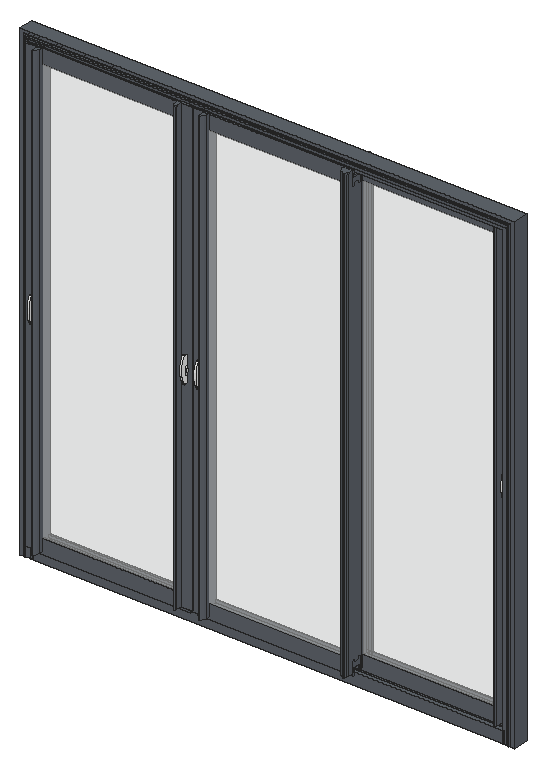
Revit family "Wicslide_65_Glass32_3_leaf_2_track_dependent", category Doors, host Wall, Revit 2014 (continued)
Definition of nested family "Leaf_Wicslide_65_G32_3_leaf_2_track_independent_2_handle"
  Dimensions and locks
    aligned and locked: level to plane 2
    aligned and locked: plane 9 to plane 16
    aligned and locked: nested 2 to level
    aligned and locked: nested 2 to plane 1 "Center (Front/Back)"
    aligned and locked: Extrusion 2 to plane 6
    aligned and locked: plane 7 to Extrusion 2
    aligned and locked: plane 8 to Extrusion 2
    aligned and locked: Extrusion 2 to plane 9
    aligned and locked: Extrusion 2 to plane 13
    aligned and locked: plane 12 to Extrusion 2
    aligned and locked: plane 17 to nested 7
    aligned and locked: nested 7 to plane 18
    aligned and locked: plane 19 to nested 7
    aligned and locked: plane 1 "Center (Front/Back)" to nested 8
    aligned and locked: Sweep 10 to Sweep 4 sketch curve
    aligned and locked: Sweep 10 to Sweep 9 sketch curve
    aligned and locked: Sweep 10 to Sweep 8 sketch curve
    aligned and locked: Sweep 10 to Sweep 7 sketch curve
    aligned and locked: Sweep 10 to Sweep 6 sketch curve
    aligned and locked: Sweep 10 to Sweep 5 sketch curve
    aligned and locked: Sweep 10 to Sweep 1 sketch curve
    aligned and locked: Sweep 7 to Sweep 3 sketch curve
    aligned and locked: nested 9 to plane 17
    aligned and locked: nested 9 to plane 18
    aligned and locked: plane 27 to Sweep 9 sketch curve
    aligned and locked: plane 27 to Sweep 4 sketch curve
    aligned and locked: plane 27 to Sweep 7 sketch curve
    aligned and locked: plane 27 to Sweep 6 sketch curve
    aligned and locked: plane 27 to Sweep 5 sketch curve
    aligned and locked: plane 27 to Sweep 1 sketch curve
    aligned and locked: plane 27 to Sweep 8 sketch curve
    aligned and locked: nested 10 to plane 8
    aligned and locked: nested 10 to plane 9
    aligned and locked: nested 1 to plane 1 "Center (Front/Back)"
    aligned and locked: plane 3 "Center (Left/Right)" to nested 1
    aligned and locked: nested 3 to plane 3 "Center (Left/Right)"
    aligned and locked: nested 3 to plane 1 "Center (Front/Back)"
    aligned and locked: nested 4 to plane 3 "Center (Left/Right)"
    aligned and locked: nested 4 to plane 1 "Center (Front/Back)"
    aligned and locked: plane 7 to nested 11
    aligned and locked: plane 6 to nested 11
    aligned and locked: plane 12 to nested 11
    aligned and locked: plane 12 to nested 10
    aligned and locked: plane 5 to nested 8
    aligned and locked: nested 5 to nested 6
    aligned and locked: nested 6 to plane 1 "Center (Front/Back)"
    aligned and locked: plane 4 to nested 13
    aligned and locked: plane 1 "Center (Front/Back)" to nested 13
    aligned and locked: nested 12 to plane 4
    aligned and locked: plane 1 "Center (Front/Back)" to nested 12
    aligned and locked: nested 14 to plane 4
    aligned and locked: plane 1 "Center (Front/Back)" to nested 14
    aligned and locked: nested 15 to plane 4
    aligned and locked: plane 1 "Center (Front/Back)" to nested 15
    aligned and locked: plane 4 to Sweep 3 sketch curve
    aligned and locked: plane 4 to Sweep 10 sketch curve
    aligned and locked: plane 25 to Extrusion 12
    aligned and locked: Extrusion 12 to plane 26
    aligned and locked: nested 16 to plane 29
    aligned and locked: nested 16 to plane 17
    aligned and locked: plane 17 to nested 17
    aligned and locked: nested 17 to plane 29
    aligned and locked: nested 16 to plane 19
  Automatic sketch dimensions
    curve 2 to plane 8 = 0 mm
    curve 2 to plane 12 = 0 mm
    curve 3 to plane 1 "Center (Front/Back)" = 0 mm
    curve 1 to plane 9 = 0 mm
    curve 1 to plane 13 = 0 mm
    curve 2 to plane 9 = 0 mm
    curve 3 to plane 9 = 0 mm
    curve 3 to plane 8 = 0 mm
    curve 1 to plane 8 = 0 mm
    plane 20 to Sweep 1 sketch curve = 0.135 mm
    Sweep 1 sketch curve to profile plane = 22 mm
    profile plane to Sweep 1 sketch curve = 59.481 mm
    Sweep 1 sketch curve to Sweep 1 sketch curve = 0.086 mm
    Sweep 1 sketch curve to Sweep 1 sketch curve = 11.914 mm
    profile plane to Sweep 1 sketch curve = 10.369 mm
    Sweep 1 sketch curve to profile plane = 8.519 mm  (x2)
    Sweep 1 sketch curve to Sweep 1 sketch curve = 5.4 mm  (x2)
    Sweep 1 sketch curve to Sweep 1 sketch curve = 6 mm
    profile plane to Sweep 1 sketch curve = 16 mm
    profile plane to Sweep 1 sketch curve = 16.6 mm
    Extrusion 2 sketch curve to plane 6 = 0 mm
    Extrusion 2 sketch curve to plane 7 = 0 mm
    Extrusion 2 sketch curve to plane 9 = 0 mm
    Extrusion 2 sketch curve to plane 8 = 0 mm
    Sweep 3 sketch curve to level = 0 mm
    profile plane to Sweep 3 sketch curve = 5.306 mm  (x2)
    Sweep 3 sketch curve to profile plane = 5.236 mm  (x2)
    Sweep 3 sketch curve to Sweep 3 sketch curve = 20.678 mm
    plane 16 to Sweep 3 sketch curve = 0.034 mm
    plane 16 to Sweep 3 sketch curve = 12.094 mm  (x2)
    Sweep 3 sketch curve to plane 1 "Center (Front/Back)" = 20.1 mm
    Sweep 3 sketch curve to plane 1 "Center (Front/Back)" = 18.502 mm
    Sweep 3 sketch curve to Sweep 3 sketch curve = 3.498 mm
    Sweep 3 sketch curve to Sweep 3 sketch curve = 4.1 mm  (x2)
    plane 1 "Center (Front/Back)" to Sweep 3 sketch curve = 16 mm
    plane 1 "Center (Front/Back)" to Sweep 3 sketch curve = 16.6 mm
    Sweep 3 sketch curve to Sweep 3 sketch curve = 1.9 mm
    Sweep 4 sketch curve to plane 4 = 0 mm
    Sweep 5 sketch curve to plane 3 "Center (Left/Right)" = 0 mm
    profile plane to Sweep 5 sketch curve = 58.1 mm
    Sweep 5 sketch curve to Sweep 5 sketch curve = 10.918 mm
    Sweep 5 sketch curve to Sweep 5 sketch curve = 3.31 mm
    Sweep 5 sketch curve to Sweep 5 sketch curve = 1.085 mm  (x2)
    Sweep 5 sketch curve to Sweep 5 sketch curve = 1.687 mm
    profile plane to Sweep 5 sketch curve = 13.004 mm
    Sweep 5 sketch curve to Sweep 5 sketch curve = 0.954 mm
    Sweep 5 sketch curve to profile plane = 9.9 mm  (x2)
    Sweep 5 sketch curve to plane 1 "Center (Front/Back)" = 22 mm
    Sweep 5 sketch curve to plane 1 "Center (Front/Back)" = 16.517 mm
    plane 1 "Center (Front/Back)" to Sweep 5 sketch curve = 16.671 mm
    Sweep 5 sketch curve to Sweep 5 sketch curve = 5.329 mm
    Sweep 5 sketch curve to Sweep 5 sketch curve = 9.518 mm
    Sweep 5 sketch curve to Sweep 5 sketch curve = 9 mm  (x2)
    Sweep 6 sketch curve to plane 3 "Center (Left/Right)" = 0 mm
    Sweep 6 sketch curve to plane 1 "Center (Front/Back)" = 22 mm
    profile plane to Sweep 6 sketch curve = 58.1 mm
    Sweep 6 sketch curve to Sweep 6 sketch curve = 0 mm
    Sweep 6 sketch curve to Sweep 6 sketch curve = 12 mm
    profile plane to Sweep 6 sketch curve = 8.988 mm
    profile plane to Sweep 6 sketch curve = 6.1 mm
    Sweep 6 sketch curve to profile plane = 9.9 mm  (x2)
    Sweep 6 sketch curve to Sweep 6 sketch curve = 6 mm  (x2)
    Sweep 6 sketch curve to plane 1 "Center (Front/Back)" = 16 mm
    plane 1 "Center (Front/Back)" to Sweep 6 sketch curve = 16 mm  (x2)
    Sweep 6 sketch curve to Sweep 6 sketch curve = 19.999 mm
    Sweep 7 sketch curve to plane 3 "Center (Left/Right)" = 0 mm
    profile plane to Sweep 7 sketch curve = 58.1 mm
    Sweep 7 sketch curve to Sweep 7 sketch curve = 0 mm
    Sweep 7 sketch curve to Sweep 7 sketch curve = 11.964 mm
    profile plane to Sweep 7 sketch curve = 8.988 mm
    Sweep 7 sketch curve to profile plane = 9.9 mm  (x2)
    Sweep 7 sketch curve to plane 1 "Center (Front/Back)" = 22 mm
    Sweep 7 sketch curve to Sweep 7 sketch curve = 5.4 mm
    Sweep 7 sketch curve to Sweep 7 sketch curve = 6 mm
    plane 1 "Center (Front/Back)" to Sweep 7 sketch curve = 16 mm
    plane 1 "Center (Front/Back)" to Sweep 7 sketch curve = 16.6 mm
    Sweep 7 sketch curve to Sweep 7 sketch curve = 28.4 mm
    Sweep 8 sketch curve to plane 4 = 0 mm
    Sweep 9 sketch curve to plane 4 = 0 mm
    plane 5 to Sweep 10 sketch curve = 5.236 mm
    plane 18 to Sweep 10 sketch curve = 7.95 mm
    Extrusion 11 sketch curve to plane 7 = 0 mm
    plane 12 to Extrusion 11 sketch curve = 0 mm
    plane 13 to Extrusion 11 sketch curve = 0 mm
    plane 24 to Extrusion 11 sketch curve = 10.301 mm
    Extrusion 12 sketch curve to plane 7 = 0 mm
    plane 12 to Extrusion 12 sketch curve = 0 mm
    plane 13 to Extrusion 12 sketch curve = 0 mm
    plane 24 to Extrusion 12 sketch curve = 7.365 mm
    plane 1 "Center (Front/Back)" to Sweep 10 sketch curve = 20.1 mm
    profile plane to Sweep 10 sketch curve = 64.007 mm
    Sweep 10 sketch curve to plane 1 "Center (Front/Back)" = 16 mm
    Sweep 10 sketch curve to Sweep 10 sketch curve = 0.001 mm
    Sweep 10 sketch curve to Sweep 10 sketch curve = 12.136 mm
    Sweep 10 sketch curve to Sweep 10 sketch curve = 20.678 mm
    profile plane to Sweep 10 sketch curve = 10.506 mm
    profile plane to Sweep 10 sketch curve = 10.505 mm
    profile plane to Sweep 10 sketch curve = 0.006 mm
    profile plane to Sweep 10 sketch curve = 0.005 mm
    Sweep 10 sketch curve to plane 1 "Center (Front/Back)" = 16.6 mm
    Sweep 10 sketch curve to Sweep 10 sketch curve = 1.9 mm
    Sweep 10 sketch curve to Sweep 10 sketch curve = 4.1 mm  (x2)
    Sweep 10 sketch curve to Sweep 10 sketch curve = 3.498 mm
    plane 1 "Center (Front/Back)" to Sweep 10 sketch curve = 18.502 mm
    Sweep 4 sketch curve to profile plane = 0 mm  (x2)
    Sweep 4 sketch curve to plane 1 "Center (Front/Back)" = 22 mm
    Sweep 4 sketch curve to Sweep 4 sketch curve = 1.6 mm
    Sweep 4 sketch curve to Sweep 4 sketch curve = 5.4 mm
    Sweep 4 sketch curve to Sweep 4 sketch curve = 6 mm  (x2)
    plane 1 "Center (Front/Back)" to Sweep 4 sketch curve = 16 mm
    plane 1 "Center (Front/Back)" to Sweep 4 sketch curve = 16.6 mm
    Sweep 4 sketch curve to Sweep 4 sketch curve = 3.8 mm
    Sweep 4 sketch curve to Sweep 4 sketch curve = 8.988 mm
    Sweep 4 sketch curve to Sweep 4 sketch curve = 37.112 mm
    Sweep 4 sketch curve to Sweep 4 sketch curve = 12 mm  (x2)
    Sweep 4 sketch curve to profile plane = 9.9 mm  (x2)
    Sweep 9 sketch curve to profile plane = 0 mm  (x2)
    profile plane to Sweep 9 sketch curve = 9.9 mm  (x2)
    Sweep 9 sketch curve to Sweep 9 sketch curve = 8.988 mm
    plane 1 "Center (Front/Back)" to Sweep 9 sketch curve = 16 mm
    Sweep 9 sketch curve to Sweep 9 sketch curve = 37.148 mm
    Sweep 9 sketch curve to Sweep 9 sketch curve = 11.964 mm  (x2)
    Sweep 9 sketch curve to plane 1 "Center (Front/Back)" = 16 mm
    Sweep 9 sketch curve to plane 1 "Center (Front/Back)" = 16.6 mm
    Sweep 9 sketch curve to Sweep 9 sketch curve = 3.8 mm  (x2)
    Sweep 9 sketch curve to Sweep 9 sketch curve = 6 mm
    plane 1 "Center (Front/Back)" to Sweep 9 sketch curve = 16.6 mm
    Sweep 9 sketch curve to Sweep 9 sketch curve = 24.6 mm
    profile plane to Sweep 8 sketch curve = 9.9 mm  (x2)
    Sweep 8 sketch curve to profile plane = 0.1 mm  (x2)
    Sweep 8 sketch curve to Sweep 8 sketch curve = 8.888 mm
    Sweep 8 sketch curve to Sweep 8 sketch curve = 4.784 mm
    Sweep 8 sketch curve to Sweep 8 sketch curve = 0.783 mm
    Sweep 8 sketch curve to Sweep 8 sketch curve = 1.635 mm
    Sweep 8 sketch curve to Sweep 8 sketch curve = 5.036 mm
    Sweep 8 sketch curve to Sweep 8 sketch curve = 11.964 mm  (x2)
    Sweep 8 sketch curve to plane 1 "Center (Front/Back)" = 22 mm
    Sweep 8 sketch curve to Sweep 8 sketch curve = 1.6 mm
    Sweep 8 sketch curve to Sweep 8 sketch curve = 3.8 mm  (x2)
    Sweep 8 sketch curve to Sweep 8 sketch curve = 6 mm
    plane 1 "Center (Front/Back)" to Sweep 8 sketch curve = 16 mm
    plane 1 "Center (Front/Back)" to Sweep 8 sketch curve = 16.6 mm
    Sweep 8 sketch curve to Sweep 8 sketch curve = 5.4 mm
    Sweep 8 sketch curve to Sweep 8 sketch curve = 6.125 mm
    Sweep 8 sketch curve to Sweep 8 sketch curve = 22.955 mm
    Sweep 8 sketch curve to Sweep 8 sketch curve = 6.373 mm
    Sweep 8 sketch curve to Sweep 8 sketch curve = 4.672 mm
    Sweep 8 sketch curve to Sweep 8 sketch curve = 3.664 mm
    Sweep 8 sketch curve to Sweep 8 sketch curve = 15 mm
    Sweep 13 sketch curve to plane 27 = 0 mm
    Sweep 13 sketch curve to plane 4 = 0.1 mm
    plane 5 to Sweep 13 sketch curve = 5.23 mm
    profile plane to Sweep 13 sketch curve = 10 mm  (x2)
    profile plane to Sweep 13 sketch curve = 0 mm  (x2)
    Sweep 13 sketch curve to profile plane = 6 mm
    Sweep 13 sketch curve to profile plane = 8.888 mm
    Sweep 13 sketch curve to profile plane = 16 mm  (x2)
    Sweep 13 sketch curve to Sweep 13 sketch curve = 37.112 mm
    Sweep 13 sketch curve to Sweep 13 sketch curve = 12 mm  (x2)
    Sweep 13 sketch curve to Sweep 13 sketch curve = 4.4 mm  (x2)
    Sweep 13 sketch curve to Sweep 13 sketch curve = 6 mm
    profile plane to Sweep 13 sketch curve = 16 mm  (x2)
    Sweep 13 sketch curve to Sweep 13 sketch curve = 1.6 mm
    Sweep 13 sketch curve to Sweep 13 sketch curve = 25.999 mm
  Nested families
    nested 1: "Sash Verticals_1041270" at (-9.9, 22, 0), visible <- "Sash 1041270", type "Sash Verticals_1041270"
    nested 2: "Sash_horizontal_1041274" at (0, 0, 0) x (0, 1, 0) z (1, 0, 0), type "Sash_horizontal_1041274"
    nested 3: "Sash Verticals_1041271" at (-9.9, 22, 0), visible <- "Sash 1041271", type "Sash Verticals_1041271"
    nested 4: "Sash Verticals_1041272" at (-9.9, 22, 0), visible <- "Sash 1041272", type "Sash Verticals_1041272"
    nested 5: "Sash Verticals_1041273" at (-9.9, 22, 0), visible <- "Sash 1041273", type "Sash Verticals_1041273"
    nested 6: "Sash_lock" at (-9.9, 18, 0), type "Sash_lock"
    nested 7: "wicona_handle_2" at (20, -45, 956.633) x (-1, 0, 0) z (0, 0, 1), type "wicona_handle_2", detail levels medium+fine
    nested 8: "Sash_horizontal_1041274" at (0, 0, 2000) x (0, -1, 0) z (1, 0, 0), type "Sash_horizontal_1041274"
    nested 9: "wicona_handle_2d" at (20, -45, 0), type "wicona_handle_2d"
    nested 10: "window_2_pieces_glass_line" at (0, -16, 1953.4) x (0, 0, -1) z (1, 0, 0), type "T32"
      with built-in parameter 1001306 6.2559 (stored number, unit not read)
    nested 11: "window_2_pieces_glass_line" at (46.1, -16, 0), type "T32"
      with built-in parameter 1001306 2.6371 (stored number, unit not read)
    nested 12: "Sash Verticals_1041271" at (905.9, 22, 0) x (-1, 0, 0) z (0, 0, 1), visible <- "Sash 1041271", type "Sash Verticals_1041271"
    nested 13: "Sash Verticals_1041270" at (905.9, 22, 0) x (-1, 0, 0) z (0, 0, 1), visible <- "Sash 1041270", type "Sash Verticals_1041270"
    nested 14: "Sash Verticals_1041273" at (905.9, 22, 0) x (-1, 0, 0) z (0, 0, 1), visible <- "Sash 1041273", type "Sash Verticals_1041273"
    nested 15: "Sash Verticals_1041272" at (905.9, 22, 0) x (-1, 0, 0) z (0, 0, 1), visible <- "Sash 1041272", type "Sash Verticals_1041272"
    nested 16: "wicona_handle_2" at (876, -45, 956.633), type "wicona_handle_2", detail levels medium+fine
    nested 17: "wicona_handle_2d" at (876, -45, 0) x (-1, 0, 0) z (0, 0, 1), type "wicona_handle_2d"
  Definition of nested family "wicona_handle_2"
    Parameters (values of type "wicona_handle_2")
      Leaf Thickness = 119.445 mm
      Handle Material = Aluminium
    Reference planes
      plane 1 "Center (Front/Back)": y = 0
      plane 2: z = 0
      plane 3 "Center (Left/Right)": x = 0
      plane 4: x = -12.5
      plane 5: x = 12.5
      plane 6: y = -25
    Forms (mm)
      Extrusion 1, solid, material "Aluminium" <- "Handle Material"
        sketch origin (0, 0, 0) x (1, 0, 0) y (0, 0, 1)
          loop
            line (0, 24.936) -> (0, -24.936)
            arc (0, -24.936) -> (9.865, 0) -> (0, 24.936) r 36.45
        from 0 to 7.131
      Extrusion 2, solid, material "Aluminium" <- "Handle Material"
        sketch origin (0, 0, 0) x (0, 1, 0) y (0, 0, 1)
          loop
            line (0, 61.209) -> (-11.38, 61.209)
            arc (-11.38, 61.209) -> (-25.13, 4.31) -> (-11.38, -52.589) r 124.599
            line (-11.38, -52.589) -> (0, -52.589) -> (0, 61.209)
        from -4.798 to 4.287
      Extrusion 3, solid, material "Aluminium" <- "Handle Material"
        sketch origin (-0.471, 0, 3.281) x (0.788011, 0, 0.615661) y (-0.615661, 0, 0.788011)
          loop
            line (-12.5, 3.457) -> (-12.5, -1.543) -> (2.5, -1.543) -> (2.5, 3.457) -> (-12.5, 3.457)
        from 0 to 7.131
    Dimensions and locks
      aligned and locked: level to plane 2
  Definition of nested family "Sash Verticals_1041270"
    Reference planes
      plane 1 "Center (Front/Back)": y = 0
      plane 2: z = 0
      plane 3 "Center (Left/Right)": x = 0
      plane 4: y = -44
      plane 5: y = -22
      plane 6: y = -6
      plane 7: y = -38
    Lines and regions (mm)
      Filled region 1, type "Concrete", in view "Ref. Level", detail levels medium
        outline origin (18.997, 3.58, 0) x (1, 0, 0) y (0, 1, 0)
          loop
            line (-18.997, -3.58) -> (-18.997, -8.98) -> (-9.097, -8.98) -> (-9.097, -5.18) -> (-0.109, -5.18) -> (-0.109, -45.98) -> (-9.097, -45.98) -> (-9.097, -42.18) -> (-18.997, -42.18) -> (-18.997, -47.58) -> (49.003, -47.58) -> (49.003, -41.58) -> (37.039, -41.58) -> (37.039, -9.58) -> (49.003, -9.58) -> (49.003, -3.58) -> (-18.997, -3.58)
      model lines, style "GLAS", in view "Ref. Level", detail levels fine
        curve 1: line (56.036, -2.324, 0) -> (56.036, -40.117, 0)
  Definition of nested family "Sash_horizontal_1041274"
    Reference planes
      plane 1 "Center (Front/Back)": y = 0
      plane 2: z = 0
      plane 3 "Center (Left/Right)": x = 0
      plane 4: y = -5.264
      plane 5: y = 46.634
      plane 6: x = -16
      plane 7: x = 16
    Lines and regions (mm)
      Filled region 1, type "Concrete", in view "Ref. Level", detail levels medium
        outline origin (18.997, 3.58, 0) x (1, 0, 0) y (0, 1, 0)
          loop
            line (-39.097, -8.845) -> (-35.597, -8.845) -> (-35.597, 1.655) -> (-37.497, 1.655) -> (-37.497, 22.334) -> (-0.495, 22.334) -> (-0.495, 1.655) -> (-2.394, 1.655) -> (-2.394, -8.845) -> (1.103, -8.845) -> (1.103, 55.157) -> (-2.997, 55.157) -> (-2.997, 43.054) -> (-34.997, 43.054) -> (-34.997, 55.156) -> (-39.097, 55.156) -> (-39.097, -8.845)
      detail lines, style "CENT3", in view "Ref. Level", not visible
        curve 1: line (123.517, -4.599, 0) -> (123.517, -38.599, 0)
      detail lines, style "GLAS", in view "Ref. Level", not visible
        curve 2: line (83.517, -9.599, 0) -> (123.517, -9.599, 0)
        curve 3: line (123.517, -9.599, 0) -> (123.517, -14.599, 0)
        curve 4: line (123.517, -14.599, 0) -> (83.517, -14.599, 0)
        curve 5: line (83.517, -14.599, 0) -> (83.517, -9.599, 0)
        curve 6: line (83.517, -28.599, 0) -> (123.517, -28.599, 0)
        curve 7: line (123.517, -28.599, 0) -> (123.517, -33.599, 0)
        curve 8: line (123.517, -33.599, 0) -> (83.517, -33.599, 0)
        curve 9: line (83.517, -33.599, 0) -> (83.517, -28.599, 0)
        curve 10: line (83.517, -10.599, 0) -> (123.517, -10.599, 0)
        curve 11: line (83.517, -11.599, 0) -> (123.517, -11.599, 0)
        curve 12: line (83.517, -12.599, 0) -> (123.517, -12.599, 0)
        curve 13: line (83.517, -13.599, 0) -> (123.517, -13.599, 0)
        curve 14: line (83.517, -14.599, 0) -> (123.517, -14.599, 0)
        curve 15: line (93.517, -14.599, 0) -> (93.517, -28.599, 0)
        curve 16: line (83.517, -28.599, 0) -> (123.517, -28.599, 0)
        curve 17: line (83.517, -29.599, 0) -> (123.517, -29.599, 0)
        curve 18: line (83.517, -30.599, 0) -> (123.517, -30.599, 0)
        curve 19: line (83.517, -31.599, 0) -> (123.517, -31.599, 0)
        curve 20: line (83.517, -32.599, 0) -> (123.517, -32.599, 0)
        curve 21: line (123.517, -9.599, 0) -> (83.517, -9.599, 0)
        curve 22: line (83.517, -9.599, 0) -> (83.517, -33.599, 0)
        curve 23: line (83.517, -33.599, 0) -> (123.517, -33.599, 0)
      detail lines, style "GLAS", in view "Ref. Level", not visible, detail levels fine
        curve 24: line (56.036, -6.117, 0) -> (96.036, -6.117, 0)
        curve 25: line (96.036, -30.117, 0) -> (56.036, -30.117, 0)
        curve 26: line (96.036, -6.117, 0) -> (56.036, -6.117, 0)
        curve 27: line (56.036, -6.117, 0) -> (56.036, -30.117, 0)
        curve 28: line (56.036, -30.117, 0) -> (96.036, -30.117, 0)
  Definition of nested family "Sash Verticals_1041271"
    Reference planes
      plane 1 "Center (Front/Back)": y = 0
      plane 2: z = 0
      plane 3 "Center (Left/Right)": x = 0
      plane 4: y = -44
      plane 5: y = -22
      plane 6: y = -6
      plane 7: y = -38
    Lines and regions (mm)
      Filled region 1, type "Concrete", in view "Ref. Level", detail levels medium
        outline origin (18.997, 3.58, 0) x (1, 0, 0) y (0, 1, 0)
          loop
            line (-18.997, -3.58) -> (-18.997, -8.98) -> (-9.097, -8.98) -> (-9.097, -5.18) -> (-0.109, -5.18) -> (-0.109, -45.98) -> (-9.097, -45.98) -> (-9.097, -42.18) -> (-18.997, -42.18) -> (-18.997, -70.58) -> (49.003, -70.58) -> (49.003, -41.58) -> (37.039, -41.58) -> (37.039, -9.58) -> (49.003, -9.58) -> (49.003, -3.58) -> (-18.997, -3.58)
      model lines, style "GLAS", in view "Ref. Level", detail levels fine
        curve 1: line (56.036, -2.324, 0) -> (56.036, -40.117, 0)
  Definition of nested family "Sash Verticals_1041272"
    Reference planes
      plane 1 "Center (Front/Back)": y = 0
      plane 2: z = 0
      plane 3 "Center (Left/Right)": x = 0
      plane 4: y = -44
      plane 5: y = -22
      plane 6: y = -6
      plane 7: y = -38
    Lines and regions (mm)
      Filled region 1, type "Concrete", in view "Ref. Level", detail levels medium
        outline origin (18.997, 5.863, 0) x (1, 0, 0) y (0, 1, 0)
          loop
            line (-18.997, -5.863) -> (-18.997, -11.863) -> (-8.997, -11.863) -> (-8.997, -7.463) -> (-0.109, -7.463) -> (-0.109, -48.263) -> (-8.997, -48.263) -> (-8.997, -43.863) -> (-18.997, -43.863) -> (-18.997, -49.863) -> (-2.997, -49.863) -> (-2.997, -69.862) -> (49.003, -69.862) -> (49.003, -43.863) -> (37.039, -43.863) -> (37.039, -11.863) -> (49.003, -11.863) -> (49.003, -5.863) -> (-18.997, -5.863)
      model lines, style "GLAS", in view "Ref. Level", detail levels fine
        curve 1: line (56.036, -2.324, 0) -> (56.036, -40.117, 0)
  Definition of nested family "Sash Verticals_1041273"
    Reference planes
      plane 1 "Center (Front/Back)": y = 0
      plane 2: z = 0
      plane 3 "Center (Left/Right)": x = 0
      plane 4: y = -44
      plane 5: y = -22
      plane 6: y = -6
      plane 7: y = -38
    Lines and regions (mm)
      Filled region 1, type "Concrete", in view "Ref. Level", detail levels medium
        outline origin (18.997, 5.863, 0) x (1, 0, 0) y (0, 1, 0)
          loop
            line (-18.997, -5.863) -> (-18.997, -11.263) -> (-8.997, -11.263) -> (-8.997, -7.463) -> (-0.109, -7.463) -> (-0.109, -48.263) -> (-8.997, -48.263) -> (-8.997, -44.463) -> (-18.997, -44.463) -> (-18.997, -49.863) -> (32.003, -49.863) -> (32.003, -72.818) -> (32.786, -79.191) -> (34.42, -83.863) -> (38.085, -83.863)
            arc (38.085, -83.863) -> (45.505, -72.219) -> (49.003, -58.863) r 44.553
            line (49.003, -58.863) -> (49.003, -43.863) -> (37.039, -43.863) -> (37.039, -11.863) -> (49.003, -11.863) -> (49.003, -5.863) -> (-18.997, -5.863)
      model lines, style "GLAS", in view "Ref. Level", detail levels fine
        curve 1: line (56.036, -2.324, 0) -> (56.036, -40.117, 0)
  Definition of nested family "Sash_lock"
    Reference planes
      plane 1 "Center (Front/Back)": y = 0
      plane 2: z = 0
      plane 3 "Center (Left/Right)": x = 0
      plane 4: y = -36
      plane 5: y = -18
  Definition of nested family "wicona_handle_2d"
    Reference planes
      plane 1 "Center (Front/Back)": y = 0
      plane 2: z = 0
      plane 3 "Center (Left/Right)": x = 0
    Lines and regions (mm)
      Filled region 1, type "Concrete", in view "Ref. Level", detail levels medium
        outline origin (18.997, 3.58, 0) x (1, 0, 0) y (0, 1, 0)
          loop
            line (-32.997, -3.58) -> (-32.997, -9.933) -> (-24.997, -13.663) -> (-24.997, -27.833) -> (-22.937, -29.893) -> (-14.406, -29.893) -> (-13.407, -28.894) -> (-12.884, -13.903) -> (-10.056, -13.145) -> (-10.056, -16.127) -> (-7.132, -23.016) -> (0.376, -23.016) -> (1.978, -21.414) -> (0.932, -15.482) -> (-2.662, -8.313) -> (-7.394, -3.58) -> (-32.997, -3.58)
      model lines, style "PIECES", in view "Ref. Level", detail levels fine
        curve 1: arc (14, -1.6, 0) -> (13.707, -0.893, 0) -> (13, -0.6, 0) r 1
        curve 2: arc (6.221, -10.26, 0) -> (7.596, -9.888, 0) -> (8.949, -9.443, 0) r 26.5
        curve 3: arc (-13.393, -7.367, 0) -> (-9.913, -9.076, 0) -> (-6.221, -10.26, 0) r 26.5
        curve 4: arc (11.211, -7.242, 0) -> (11.535, -6.913, 0) -> (11.677, -6.473, 0) r 1
        curve 5: line (11.793, -0.6, 0) -> (12.052, -0.6, 0)
        curve 6: line (12.052, -0.6, 0) -> (13, -0.6, 0)
        curve 7: line (8.949, -12.262, 0) -> (8.949, -8.492, 0)
        curve 8: line (-4.591, -26.312, 0) -> (4.591, -26.312, 0)
        curve 9: line (-5.814, -25, 0) -> (-6.068, -10.451, 0)
        curve 10: line (-6.068, -10.451, 0) -> (-6.221, -10.26, 0)
        curve 11: line (5.815, -24.927, 0) -> (6.068, -10.451, 0)
        curve 12: line (6.068, -10.451, 0) -> (6.221, -10.26, 0)
        curve 13: line (11.211, -7.242, 0) -> (10.341, -7.762, 0)
        curve 14: line (10.341, -7.762, 0) -> (9.463, -8.24, 0)
        curve 15: line (9.463, -8.24, 0) -> (8.565, -8.68, 0)
        curve 16: line (8.565, -8.68, 0) -> (7.649, -9.083, 0)
        curve 17: line (7.505, -9.142, 0) -> (7.006, -9.364, 0)
        curve 18: line (-13.393, -7.367, 0) -> (-13.886, -6.543, 0)
        curve 19: line (-13.886, -6.543, 0) -> (-14, 0, 0)
        curve 20: line (-14, 0, 0) -> (11.805, 0, 0)
        curve 21: line (11.805, 0, 0) -> (11.786, -1, 0)
        curve 22: line (11.786, -1, 0) -> (11.766, -2, 0)
        curve 23: line (11.766, -2, 0) -> (11.747, -2.999, 0)
        curve 24: line (11.747, -2.999, 0) -> (11.727, -3.999, 0)
        curve 25: line (11.727, -3.999, 0) -> (11.708, -4.999, 0)
        curve 26: line (11.708, -4.999, 0) -> (11.688, -5.999, 0)
        curve 27: line (11.688, -5.999, 0) -> (11.68, -6.413, 0)
        curve 28: line (12.793, -0.754, 0) -> (13.413, -1.137, 0)
        curve 29: line (13.413, -1.137, 0) -> (14.151, -1.812, 0)
        curve 30: line (14.151, -1.812, 0) -> (14.853, -2.523, 0)
        curve 31: line (14.853, -2.523, 0) -> (15.519, -3.269, 0)
        curve 32: line (15.519, -3.269, 0) -> (16.149, -4.046, 0)
        curve 33: line (16.149, -4.046, 0) -> (16.743, -4.851, 0)
        curve 34: line (16.743, -4.851, 0) -> (17.301, -5.68, 0)
        curve 35: line (17.301, -5.68, 0) -> (17.61, -6.174, 0)
        curve 36: line (12.052, -0.6, 0) -> (12.765, -0.743, 0)
        curve 37: line (17.643, -6.231, 0) -> (18.091, -7.125, 0)
        curve 38: line (18.091, -7.125, 0) -> (18.508, -8.034, 0)
        curve 39: line (18.508, -8.034, 0) -> (18.897, -8.955, 0)
        curve 40: line (18.897, -8.955, 0) -> (19.257, -9.888, 0)
        curve 41: line (19.257, -9.888, 0) -> (19.59, -10.831, 0)
        curve 42: line (19.59, -10.831, 0) -> (19.895, -11.783, 0)
        curve 43: line (19.895, -11.783, 0) -> (20.172, -12.744, 0)
        curve 44: line (20.172, -12.744, 0) -> (20.422, -13.712, 0)
        curve 45: line (20.422, -13.712, 0) -> (20.645, -14.687, 0)
        curve 46: line (20.645, -14.687, 0) -> (20.841, -15.667, 0)
        curve 47: line (20.841, -15.667, 0) -> (21.011, -16.653, 0)
        curve 48: line (21.011, -16.653, 0) -> (21.043, -16.863, 0)
        curve 49: line (21.043, -16.863, 0) -> (20.974, -17.852, 0)
        curve 50: line (20.974, -17.852, 0) -> (20.702, -18.43, 0)
        curve 51: line (20.702, -18.43, 0) -> (20.014, -19.149, 0)
        curve 52: line (20.014, -19.149, 0) -> (19.107, -19.554, 0)
        curve 53: line (19.107, -19.554, 0) -> (18.664, -19.6, 0)
        curve 54: line (18.664, -19.6, 0) -> (16.934, -19.6, 0)
        curve 55: line (16.934, -19.6, 0) -> (15.934, -19.6, 0)
        curve 56: line (15.934, -19.6, 0) -> (14.934, -19.6, 0)
        curve 57: line (14.934, -19.6, 0) -> (13.934, -19.6, 0)
        curve 58: line (13.934, -19.6, 0) -> (13.413, -19.6, 0)
        curve 59: line (13.413, -19.6, 0) -> (12.446, -19.377, 0)
        curve 60: line (12.446, -19.377, 0) -> (11.651, -18.781, 0)
        curve 61: line (11.651, -18.781, 0) -> (11.243, -18.216, 0)
        curve 62: line (11.243, -18.216, 0) -> (10.768, -17.336, 0)
        curve 63: line (10.768, -17.336, 0) -> (10.324, -16.441, 0)
        curve 64: line (10.324, -16.441, 0) -> (9.909, -15.531, 0)
        curve 65: line (9.909, -15.531, 0) -> (9.525, -14.608, 0)
        curve 66: line (9.525, -14.608, 0) -> (9.171, -13.672, 0)
        curve 67: line (9.162, -13.647, 0) -> (8.966, -12.67, 0)
        curve 68: line (8.963, -12.62, 0) -> (8.951, -12.312, 0)
        curve 69: arc (-5.814, -25, 0) -> (-5.429, -25.928, 0) -> (-4.501, -26.312, 0) r 1.312
        curve 70: arc (4.591, -26.312, 0) -> (5.454, -25.955, 0) -> (5.812, -25.091, 0) r 1.221
  Definition of nested family "window_2_pieces_glass_line"
    Parameters (values of type "T32")
      v1 = 5 mm
      line = 10 mm
      built-in parameter 1001306 [instance] = 1200 mm
      Glass Thickness = 32 mm
    Types (2, lengths in mm): name | Glass Thickness
      T24 | 24
      T32 | 32
    Reference planes
      plane 1 "Center (Front/Back)": y = 0
      plane 2: z = 0
      plane 3 "Left": x = 0
      plane 4 "Right": x = 1200
      plane 5: y = 32
      plane 6: y = 5
      plane 7: y = 27
      plane 8: x = 10
      plane 9: x = 1190
    Lines and regions (mm)
      reference lines, in view "Ref. Level"
        curve 1: line (0, 0, 0) -> (1200, 0, 0)
      detail lines, in view "Ref. Level", detail levels medium+fine
        curve 2: line (0, 32, 0) -> (1200, 32, 0)
        curve 3: line (0, 0, 0) -> (1200, 0, 0)
      detail lines, in view "Ref. Level", detail levels fine
        curve 4: line (0, 27, 0) -> (1200, 27, 0)
        curve 5: line (0, 5, 0) -> (1200, 5, 0)
      model lines, style "DetailComponents", in view "Ref. Level", detail levels fine
        curve 6: line (10, 27, 0) -> (10, 5, 0)
      detail lines, style "DetailComponents", in view "Ref. Level", detail levels fine
        curve 7: line (1190, 27, 0) -> (1190, 5, 0)
      model lines, style "DetailComponents", in view "Ref. Level", detail levels medium+fine
        curve 8: line (1200, 32, 0) -> (1200, 0, 0)
      detail lines, style "DetailComponents", in view "Ref. Level", detail levels medium+fine
        curve 9: line (0, 32, 0) -> (0, 0, 0)
    Dimensions and locks
      "built-in parameter 1001306": plane 3 "Left" to plane 4 "Right"
      "Glass Thickness": plane 5 to plane 1 "Center (Front/Back)"
      plane 5 to plane 1 "Center (Front/Back)" = 32 mm
      "v1": plane 5 to plane 7
      "v1": plane 6 to plane 1 "Center (Front/Back)"
      "line": plane 3 "Left" to plane 8
      "line": plane 9 to plane 4 "Right"
      aligned and locked: plane 1 "Center (Front/Back)" to curve 1
      aligned and locked: plane 3 "Left" to curve 1
      aligned and locked: plane 4 "Right" to curve 1
      aligned and locked: plane 5 to curve 2
      aligned and locked: plane 7 to curve 4
      aligned and locked: plane 6 to curve 5
      aligned and locked: curve 5 to curve 6
      aligned and locked: curve 6 to plane 8
      aligned and locked: curve 5 to curve 7
      aligned and locked: curve 7 to plane 9
      aligned and locked: plane 1 "Center (Front/Back)" to curve 9
      aligned and locked: curve 9 to plane 3 "Left"
      aligned and locked: curve 2 to curve 8
      aligned and locked: curve 3 to curve 8
      aligned and locked: curve 8 to plane 4 "Right"
      aligned and locked: curve 4 to curve 7
      aligned and locked: curve 4 to curve 6
    Automatic sketch dimensions
      curve 5 to plane 4 "Right" = 0 mm
      curve 4 to plane 4 "Right" = 0 mm
      curve 3 to plane 4 "Right" = 0 mm
      curve 2 to plane 4 "Right" = 0 mm
Definition of nested family "Frame_1041231"
  Reference planes
    plane 1 "Center (Front/Back)": y = 0
    plane 2: z = 0
    plane 3 "Center (Left/Right)": x = 0
  Lines and regions (mm)
    Filled region 1, type "Concrete", in view "Ref. Level", detail levels medium
      outline origin (18.997, 3.58, 0) x (1, 0, 0) y (0, 1, 0)
        loop
          line (-18.997, -3.58) -> (-18.997, -68.58) -> (28.505, -68.58) -> (28.505, -56.58) -> (9.034, -56.58) -> (9.034, -15.58) -> (28.505, -15.58) -> (28.505, -3.58) -> (-18.997, -3.58)
Definition of nested family "Frame_1041226"
  Reference planes
    plane 1 "Center (Front/Back)": y = 0
    plane 2: z = 0
    plane 3 "Center (Left/Right)": x = 0
    plane 4: y = -65
  Lines and regions (mm)
    Filled region 1, type "Concrete", in view "Ref. Level", detail levels medium
      outline origin (18.997, 3.58, 0) x (1, 0, 0) y (0, 1, 0)
        loop
          line (-18.997, -3.58) -> (-18.997, -68.58) -> (-2.997, -68.58) -> (-2.997, -63.512) -> (-1.065, -61.58) -> (3.709, -61.58) -> (3.709, -70.58) -> (9.471, -70.58) -> (22.099, -68.58) -> (35.503, -68.58) -> (35.503, -56.58) -> (16.07, -56.58) -> (16.07, -15.58) -> (35.503, -15.58) -> (35.503, -3.58) -> (-18.997, -3.58)
Definition of nested family "Frame_Bottom_1041232"
  Reference planes
    plane 1 "Center (Front/Back)": y = 0
    plane 2: z = 0
    plane 3 "Center (Left/Right)": x = 0
    plane 4: y = -65
  Lines and regions (mm)
    Filled region 1, type "Concrete", in view "Ref. Level", detail levels medium
      outline origin (18.997, -68.58, 0) x (0, -1, 0) y (1, 0, 0)
        loop
          line (19.42, 13.237) -> (19.42, 28.505) -> (-15.58, 28.505) -> (-15.58, 9.034) -> (-56.58, 9.034) -> (-56.58, 28.505) -> (-68.58, 28.505) -> (-68.58, -18.997) -> (-3.58, -18.997) -> (-3.58, -2.747) -> (10.554, -2.747)
          arc (10.554, -2.747) -> (15.822, 4.781) -> (19.42, 13.237) r 44.207
Definition of nested family "Seal"
  Reference planes
    plane 1 "Center (Front/Back)": y = 0
    plane 2: z = 0
    plane 3 "Center (Left/Right)": x = 0
Definition of nested family "sliding door_coarse"
  Parameters (values of type "52")
    line = 52 mm
    built-in parameter 1001306 [instance] = 1400 mm
    Glass Thickness = 52 mm
  Types (4, lengths in mm): name | line | built-in parameter 1001306 | Glass Thickness
    36 | 36 | 1200 | 36
    40 | 40 | 1200 | 40
    44 | 44 | 1400 | 44
    52 | 52 | 1400 | 52
  Reference planes
    plane 1 "Center (Front/Back)": y = 0
    plane 2: z = 0
    plane 3 "Left": x = 0
    plane 4 "Right": x = 1400
    plane 5: y = 26
    plane 6: y = -26
    plane 7: x = 52
    plane 8: x = 1348
  Lines and regions (mm)
    reference lines, in view "Ref. Level"
      curve 1: line (52, 0, 0) -> (1348, 0, 0)
    detail lines, in view "Ref. Level", detail levels coarse
      curve 2: line (0, 26, 0) -> (1400, 26, 0)
      curve 3: line (0, -26, 0) -> (1400, -26, 0)
      curve 4: line (52, 0, 0) -> (1348, 0, 0)
    model lines, style "DetailComponents", in view "Ref. Level", detail levels coarse
      curve 5: line (1400, 26, 0) -> (1400, -26, 0)
    detail lines, style "DetailComponents", in view "Ref. Level", detail levels coarse
      curve 6: line (0, 26, 0) -> (0, -26, 0)
      curve 7: line (52, 26, 0) -> (52, -26, 0)
      curve 8: line (1348, 26, 0) -> (1348, -26, 0)
  Dimensions and locks
    "built-in parameter 1001306": plane 3 "Left" to plane 4 "Right"
    "line": plane 3 "Left" to plane 7
    "line": plane 8 to plane 4 "Right"
    "Glass Thickness": plane 5 to plane 6
    equal spacing: plane 5, plane 1 "Center (Front/Back)", plane 6
    aligned and locked: plane 1 "Center (Front/Back)" to curve 1
    aligned and locked: plane 5 to curve 2
    aligned and locked: curve 6 to plane 3 "Left"
    aligned and locked: curve 2 to curve 5
    aligned and locked: curve 3 to curve 5
    aligned and locked: curve 5 to plane 4 "Right"
    aligned and locked: curve 7 to plane 7
    aligned and locked: curve 8 to plane 5
    aligned and locked: curve 8 to plane 8
    aligned and locked: plane 7 to curve 4
    aligned and locked: plane 8 to curve 4
    aligned and locked: plane 6 to curve 3
    aligned and locked: curve 1 to curve 4
  Automatic sketch dimensions
    curve 3 to plane 4 "Right" = 0 mm
    curve 2 to plane 4 "Right" = 0 mm
    curve 1 to plane 8 = 0 mm
    curve 1 to plane 7 = 0 mm
